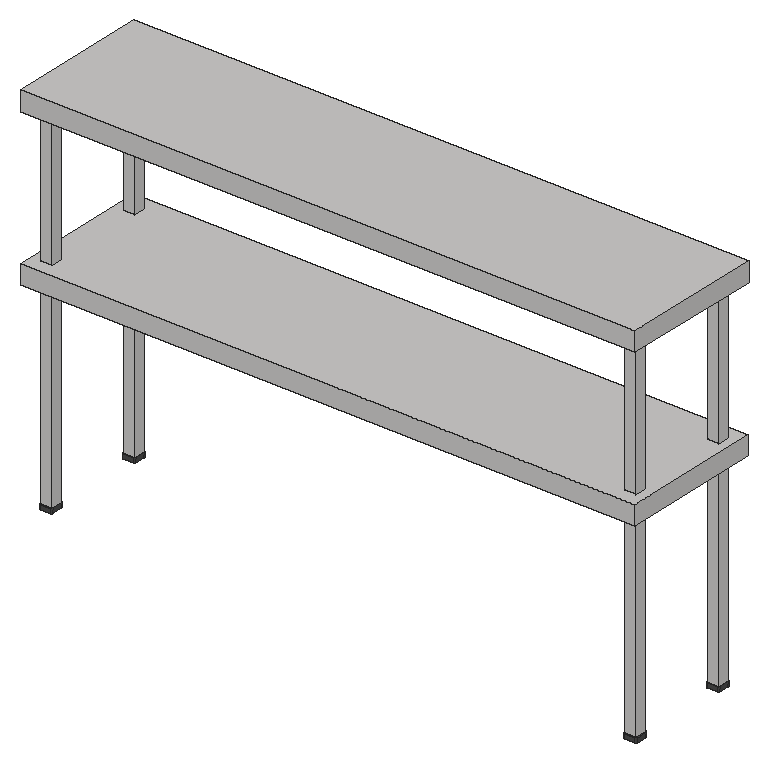
Revit family "PLMx-xxxxx", category Equipamento especial, Revit 2020
Family settings
  Cota do conector redondo = Utilizar diâmetro
  Tipo de parte = Normal
  Número OmniClass = 23.40.40.14
  Título OmniClass = Food Service Equipment
  Com base no plano de trabalho = Não
  Sempre na vertical = Sim
  Corte com vazios quando carregada = Não
  Compartilhado = Não
  Ponto de cálculo do ambiente = Não
Parameters (values of type "PLM2-40138")
  Weight [instance] = 0.00 kg
  URL = "https://www.acosmacom.com.br/"
  Second Plate = Height Actual > 800 mm  # yes
  Modelo = "PLM2-40138"
  Middle Feet = Length Actual > 2001 mm  # no
  Fabricante = "MACOM"
  Default Elevation = 0 mm
  Descrição = "PRATELEIRA LISA SOBRE MONTANTES 2 PLANOS INOX MACOM-1380X400X850"
  Assembly Code = ""
  Type Comments = ""
  Masterspec [instance] = ""
  Length Actual = 1380 mm
  Identify Quantity as Lot [instance] = yes
  Height Actual = 850 mm
  Foodservice Equipment Identifier [instance] = yes
  Depth Actual [instance] = 320 mm
  CSI MasterFormat [instance] = ""
  CE Approved [instance] = yes
Types (7, lengths in mm): name | Second Plate | Modelo | Middle Feet | Descrição | Length Actual | Height Actual
  (no name) | yes | "PLM2-40138" | no | "PRATELEIRA LISA SOBRE MONTANTES 2 PLANOS INOX MACOM-1380X400X850" | 1380 | 850
  PLM2-40238 | yes | "PLM2-40238" | yes | "PRATELEIRA LISA SOBRE MONTANTES 2 PLANOS INOX MACOM-2380X400X850" | 2380 | 850
  PLM2-40188 | yes | "PLM2-40188" | no | "PRATELEIRA LISA SOBRE MONTANTES 2 PLANOS INOX MACOM-1880X400X850" | 1880 | 850
  PLM2-40138 | yes | "PLM2-40138" | no | "PRATELEIRA LISA SOBRE MONTANTES 2 PLANOS INOX MACOM-1380X400X850" | 1380 | 850
  PLM1-40238 | no | "PLM1-40238" | yes | "PRATELEIRA LISA SOBRE MONTANTES 1 PLANO INOX MACOM-2380X400X500" | 2380 | 500
  PLM1-40188 | no | "PLM1-40188" | no | "PRATELEIRA LISA SOBRE MONTANTES 1 PLANO INOX MACOM-1880X400X500" | 1880 | 500
  PLM1-40138 | no | "PLM1-40138" | no | "PRATELEIRA LISA SOBRE MONTANTES 1 PLANO INOX MACOM-1380X400X500" | 1380 | 500
Reference planes
  plane 1 "Centro (Frontal/Traseira)": y = 0
  plane 2: z = 0
  plane 3 "Centro (Esquerda/Direita)": x = 0
  plane 4: z = 850
  plane 5: x = 690
  plane 6: x = -690
  plane 7: z = 500
  plane 8: y = -160
  plane 9: y = 160
  plane 10: z = 806.5
  plane 11: z = 456.5
  plane 12: z = 10
  plane 13: y = -116
  plane 14: y = 116
Forms (mm)
  Extrusion 1, solid, material "QF_Metal_Stainless Steel"
    sketch origin (1371.257, -1524, 806.5) x (0, -1, 0) y (-1, 0, 0)
      loop
        line (-1684, 2061.257) -> (-1684, 681.257) -> (-1364, 681.257) -> (-1364, 2061.257) -> (-1684, 2061.257)
    from 0 to -43.5
  Extrusion 2, solid, material "QF_Metal_Stainless Steel"
    sketch origin (1371.257, -1524, 806.5) x (0, -1, 0) y (-1, 0, 0)
      loop
        line (-1652.5, 2040.257) -> (-1652.5, 2015.257) -> (-1627.5, 2015.257) -> (-1627.5, 2040.257) -> (-1652.5, 2040.257)
      loop
        line (-1420.5, 2040.257) -> (-1420.5, 2015.257) -> (-1395.5, 2015.257) -> (-1395.5, 2040.257) -> (-1420.5, 2040.257)
      loop
        line (-1420.5, 727.257) -> (-1420.5, 702.257) -> (-1395.5, 702.257) -> (-1395.5, 727.257) -> (-1420.5, 727.257)
      loop
        line (-1652.5, 727.257) -> (-1652.5, 702.257) -> (-1627.5, 702.257) -> (-1627.5, 727.257) -> (-1652.5, 727.257)
    from 0 to 796.5
  Extrusion 3, solid, material "QF_Metal_Stainless Steel", visible <- "Middle Feet"
    sketch origin (1371.257, -1524, 806.5) x (0, -1, 0) y (-1, 0, 0)
      loop
        line (-1652.5, 1383.757) -> (-1652.5, 1358.757) -> (-1627.5, 1358.757) -> (-1627.5, 1383.757) -> (-1652.5, 1383.757)
      loop
        line (-1420.5, 1383.757) -> (-1420.5, 1358.757) -> (-1395.5, 1358.757) -> (-1395.5, 1383.757) -> (-1420.5, 1383.757)
    from 0 to 796.5
  Extrusion 4, solid, material "QF_Metal_Stainless Steel", visible <- "Second Plate"
    sketch origin (1215.5, -1524, 500) x (0, -1, 0) y (-1, 0, 0)
      loop
        line (-1684, 1905.5) -> (-1684, 525.5) -> (-1364, 525.5) -> (-1364, 1905.5) -> (-1684, 1905.5)
      loop
        line (-1652.5, 1884.5) -> (-1652.5, 1859.5) -> (-1627.5, 1859.5) -> (-1627.5, 1884.5) -> (-1652.5, 1884.5)
      loop
        line (-1420.5, 1884.5) -> (-1420.5, 1859.5) -> (-1395.5, 1859.5) -> (-1395.5, 1884.5) -> (-1420.5, 1884.5)
      loop
        line (-1652.5, 571.5) -> (-1652.5, 546.5) -> (-1627.5, 546.5) -> (-1627.5, 571.5) -> (-1652.5, 571.5)
      loop
        line (-1420.5, 571.5) -> (-1420.5, 546.5) -> (-1395.5, 546.5) -> (-1395.5, 571.5) -> (-1420.5, 571.5)
    from 0 to 43.5
Lines and regions (mm)
  symbolic lines
    curve 1: line (-690, 160, 0) -> (690, 160, 0)
    curve 2: line (-690, -160, 0) -> (-690, 160, 0)
    curve 3: line (690, -160, 0) -> (-690, -160, 0)
    curve 4: line (690, 160, 0) -> (690, -160, 0)
Dimensions and locks
  "Height Actual": plane 4 to level
  locked: plane 7 to level at 500
  equal spacing: plane 6, plane 3 "Centro (Esquerda/Direita)", plane 5
  equal spacing: plane 8, plane 1 "Centro (Frontal/Traseira)", plane 9
  "Length Actual": plane 6 to plane 5
  "Depth Actual": plane 8 to plane 9
  locked: level to plane 12 at 10
  locked: plane 4 to plane 10 at 43.5
  locked: plane 7 to plane 11 at 43.5
  locked: plane 9 to plane 14 at 44
  locked: plane 13 to plane 8 at 44
  locked: Extrusion 2 sketch curve to plane 9 at 31.5
  locked: Extrusion 2 sketch curve to Extrusion 2 sketch curve at 25  (x4)
  locked: plane 6 to Extrusion 2 sketch curve at 21
  locked: plane 8 to Extrusion 2 sketch curve at 31.5
  Extrusion 2 sketch curve to plane 5 = 21 mm
  Extrusion 3 sketch curve to plane 3 "Centro (Esquerda/Direita)" to Extrusion 3 sketch curve = 12.5 mm locked, 12.5 mm locked
  locked: Extrusion 2 to nested 1 at 12.5
  locked: Extrusion 2 to nested 6 at 12.5
  locked: nested 5 to Extrusion 2 at 12.5
  locked: nested 4 to Extrusion 2 at 12.5
  aligned and locked: level to plane 2
  aligned and locked: plane 12 to nested 6
  aligned and locked: plane 12 to nested 1
  aligned and locked: plane 12 to nested 4
  aligned and locked: plane 12 to nested 3
  aligned and locked: plane 12 to nested 2
  aligned and locked: plane 12 to nested 5
  aligned and locked: plane 3 "Centro (Esquerda/Direita)" to nested 3
  aligned and locked: plane 3 "Centro (Esquerda/Direita)" to nested 2
  aligned and locked: plane 14 to nested 1
  aligned and locked: plane 14 to nested 2
  aligned and locked: plane 14 to nested 5
  aligned and locked: plane 13 to nested 6
  aligned and locked: plane 13 to nested 3
  aligned and locked: plane 13 to nested 4
  aligned and locked: Extrusion 1 sketch curve to plane 9
  aligned and locked: Extrusion 1 sketch curve to plane 6
  aligned and locked: plane 8 to Extrusion 1 sketch curve
  aligned and locked: plane 5 to Extrusion 1 sketch curve
  aligned and locked: Extrusion 1 to plane 4
  aligned and locked: plane 10 to Extrusion 1
  aligned and locked: Extrusion 2 sketch curve to Extrusion 2 sketch curve  (x8)
  aligned and locked: plane 12 to Extrusion 2
  aligned and locked: Extrusion 2 to plane 10
  aligned and locked: Extrusion 2 to Extrusion 3 sketch curve  (x2)
  aligned and locked: Extrusion 3 sketch curve to Extrusion 2  (x2)
  aligned and locked: Extrusion 3 sketch curve to Extrusion 3 sketch curve  (x2)
  aligned and locked: plane 12 to Extrusion 3
  aligned and locked: Extrusion 3 to plane 10
  aligned and locked: Extrusion 4 sketch curve to Extrusion 1  (x4)
  aligned and locked: Extrusion 4 sketch curve to Extrusion 2  (x10)
  aligned and locked: Extrusion 2 to Extrusion 4 sketch curve  (x2)
  aligned and locked: plane 11 to Extrusion 4
  aligned and locked: Extrusion 4 to plane 7
  aligned and locked: curve 1 to Extrusion 1
  aligned and locked: curve 2 to Extrusion 1
  aligned and locked: curve 3 to Extrusion 1
  aligned and locked: curve 4 to Extrusion 1
Automatic sketch dimensions
  Extrusion 4 sketch curve to plane 5 = 46 mm  (x2)
  Extrusion 4 sketch curve to plane 5 = 21 mm  (x2)
Nested families
  nested 1: "SUPORTE PRATELEIRA" at (-656.5, 116, 0), type "SUPORTE PRATELEIRA"
  nested 2: "SUPORTE PRATELEIRA" at (0, 116, 0), visible <- "Middle Feet", type "SUPORTE PRATELEIRA"
  nested 3: "SUPORTE PRATELEIRA" at (0, -116, 0), visible <- "Middle Feet", type "SUPORTE PRATELEIRA"
  nested 4: "SUPORTE PRATELEIRA" at (656.5, -116, 0), type "SUPORTE PRATELEIRA"
  nested 5: "SUPORTE PRATELEIRA" at (656.5, 116, 0), type "SUPORTE PRATELEIRA"
  nested 6: "SUPORTE PRATELEIRA" at (-656.5, -116, 0), type "SUPORTE PRATELEIRA"
Definition of nested family "SUPORTE PRATELEIRA"
  Parameters (values of type "SUPORTE PRATELEIRA")
    Default Elevation = 0 mm
  Reference planes
    plane 1 "Centro (Frente/Trás)": y = 0
    plane 2: z = 0
    plane 3 "Centro (Esquerda/Direita)": x = 0
  Forms (mm)
    Extrusion 1, solid
      sketch origin (0, 0, -7) x (-1, 0, 0) y (0, -1, 0)
        loop
          arc (-14.5, -11.5) -> (-13.621, -13.621) -> (-11.5, -14.5) r 3
          line (-11.5, -14.5) -> (11.5, -14.5)
          arc (11.5, -14.5) -> (13.621, -13.621) -> (14.5, -11.5) r 3
          line (14.5, -11.5) -> (14.5, 11.5)
          arc (14.5, 11.5) -> (13.621, 13.621) -> (11.5, 14.5) r 3
          line (11.5, 14.5) -> (-11.5, 14.5)
          arc (-11.5, 14.5) -> (-13.621, 13.621) -> (-14.5, 11.5) r 3
          line (-14.5, 11.5) -> (-14.5, -11.5)
      from 7 to 17
  Dimensions and locks
    plane 3 "Centro (Esquerda/Direita)" to Extrusion 1 = 14.5 mm
    Extrusion 1 sketch curve to plane 3 "Centro (Esquerda/Direita)" to Extrusion 1 sketch curve = 14.5 mm, 14.5 mm
    Extrusion 1 sketch curve to plane 1 "Centro (Frente/Trás)" to Extrusion 1 sketch curve = 14.5 mm, 14.5 mm
    aligned and locked: level to plane 2
    aligned and locked: Extrusion 1 to level
